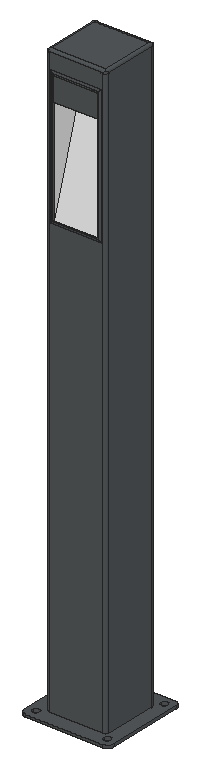
Revit family "svetilnik_alfresco_ar deko_dtu19", category Lighting Fixtures, Revit 2016 (continued)
Definition of nested family "Источник света Ар_Деко"
  Types (5, lengths in mm): name | Photometric Web File | built-in parameter 1150142
          12.6       8.4       3.3       0.6\r\n       0.2       0.2       0.2       0.2       0.2       0.2       0.2       0.2\r\n       0.2       0.2       0.2       0.2       0.2       0.2       0.2       0.2\r\n       0.2       0.2       0.2       0.2       0.2       0.2       0.2       0.2\r\n       0.2       0.2       0.2       0.2       0.2       0.2       0.2       0.2\r\n       0.2       0.2       0.2       0.2       0.2       0.2       0.2       0.2\r\n       0.2       0.2       0.2       0.2       0.2       0.2       0.2       0.2\r\n       0.2       0.2       0.2       0.2       0.2       0.2       0.2       0.2\r\n       0.2       0.2       0.2       0.2       0.2       0.2       0.2       0.2\r\n       0.2       0.2       0.2       0.2       0.2       0.2       0.2       0.2\r\n       0.2       0.2       0.2       0.2       0.2       0.2       0.2       0.2\r\n       0.2       0.2       0.2       0.1       0.1       0.1       0.0       0.0\r\n       0.0       0.0       0.0       0.0       0.0\r\n       0.0       0.0       0.2       0.2       0.2       0.1       0.1       0.2\r\n       0.2       0.3       0.2       0.2       0.2       0.2       0.2       0.2\r\n       0.2       0.2       0.2       0.3       0.6       2.7      10.0      28.9\r\n      51.0      69.2      82.1      91.1     103.5     113.1     127.6     143.3\r\n     158.5     173.3     196.4     215.0     231.0     240.4     240.3     239.1\r\n     237.0     235.1     233.5     232.1     228.9     227.1     223.9     220.4\r\n     219.1     214.1     212.3     207.8     204.4     201.8     198.0     193.8\r\n     191.4     186.6     180.5     176.2     173.2     168.0     163.0     160.5\r\n     156.7     150.9     145.9     140.9     136.2     130.4     122.4     110.3\r\n      97.0      85.8      78.2      68.9      63.0      55.0      48.3      42.6\r\n      36.3      30.9      24.8      18.3      13.3       8.7       3.3       0.6\r\n       0.2       0.2       0.2       0.2       0.2       0.2       0.2       0.2\r\n       0.2       0.2       0.2       0.2       0.2       0.2       0.2       0.2\r\n       0.2       0.2       0.2       0.2       0.2       0.2       0.2       0.2\r\n       0.2       0.2       0.2       0.2       0.2       0.2       0.2       0.2\r\n       0.2       0.2       0.2       0.2       0.2       0.2       0.2       0.2\r\n       0.2       0.2       0.2       0.2       0.2       0.2       0.2       0.2\r\n       0.2       0.2       0.2       0.2       0.2       0.2       0.2       0.2\r\n       0.2       0.2       0.2       0.2       0.2       0.2       0.2       0.2\r\n       0.2       0.2       0.2       0.2       0.2       0.2       0.2       0.2\r\n       0.2       0.2       0.2       0.2       0.2       0.2       0.2       0.2\r\n       0.2       0.2       0.2       0.1       0.1       0.1       0.0       0.0\r\n       0.0       0.0       0.0       0.0       0.0\r\n       0.0       0.0       0.2       0.2       0.2       0.1       0.1       0.2\r\n       0.2       0.3       0.2       0.2       0.2       0.2       0.2       0.2\r\n       0.2       0.2       0.3       1.1       4.9      21.5      39.7      75.9\r\n     102.0     121.2     138.1     153.3     165.6     179.3     196.4     209.4\r\n     231.7     246.7     263.9     273.7     274.7     271.7     270.1     265.3\r\n     265.4     262.5     259.9     256.1     251.1     249.9     245.6     244.8\r\n     240.7     238.6     235.2     233.0     230.2     225.6     220.7     217.4\r\n     214.1     210.5     206.8     202.6     196.6     191.8     189.1     184.1\r\n     177.9     172.6     168.1     161.2     152.0     138.5     121.7     106.8\r\n      94.8      84.9      75.3      68.9      61.2      53.9      48.6      40.9\r\n      36.0      29.0      22.0      16.2      11.8       6.1       1.6       0.2\r\n       0.2       0.2       0.2       0.2       0.2       0.2       0.2       0.2\r\n       0.2       0.2       0.2       0.2       0.2       0.2       0.2       0.2\r\n       0.2       0.2       0.2       0.2       0.2       0.2       0.2       0.2\r\n       0.2       0.2       0.2       0.2       0.2       0.2       0.2       0.2\r\n       0.2       0.2       0.2       0.2       0.2       0.2       0.2       0.2\r\n       0.2       0.2       0.2       0.2       0.2       0.2       0.2       0.2\r\n       0.2       0.2       0.2       0.2       0.2       0.2       0.2       0.2\r\n       0.2       0.2       0.2       0.2       0.2       0.2       0.2       0.2\r\n       0.2       0.2       0.2       0.2       0.2       0.2       0.2       0.2\r\n       0.2       0.2       0.2       0.2       0.2       0.2       0.2       0.2\r\n       0.2       0.2       0.2       0.1       0.1       0.1       0.0       0.0\r\n       0.0       0.0       0.0       0.0       0.0\r\n       0.0       0.0       0.2       0.2       0.2       0.1       0.1       0.2\r\n       0.2       0.3       0.3       0.2       0.2       0.2       0.2       0.2\r\n       0.2       0.3       0.8       7.3      26.2      70.9     101.4     129.8\r\n     149.7     165.0     184.1     199.7     216.8     231.7     252.9     274.3\r\n     302.0     310.8     310.9     308.5     306.9     304.8     302.2     300.3\r\n     297.0     295.9     293.4     290.5     289.5     284.5     285.9     282.2\r\n     279.0     275.3     271.1     268.2     265.3     262.7     257.2     252.7\r\n     248.0     243.1     238.0     233.9     229.0     222.8     217.6     211.7\r\n     207.8     201.7     193.5     180.9     162.7     143.0     125.4     113.7\r\n     101.9      91.7      84.5      72.8      65.7      58.1      50.2      42.9\r\n      37.5      29.7      23.2      17.6      12.2       5.3       1.0       0.2\r\n       0.2       0.2       0.2       0.2       0.2       0.2       0.2       0.2\r\n       0.2       0.2       0.2       0.2       0.2       0.2       0.2       0.2\r\n       0.2       0.2       0.2       0.2       0.2       0.2       0.2       0.2\r\n       0.2       0.2       0.2       0.2       0.2       0.2       0.2       0.2\r\n       0.2       0.2       0.2       0.2       0.2       0.2       0.2       0.2\r\n       0.2       0.2       0.2       0.2       0.2       0.2       0.2       0.2\r\n       0.2       0.2       0.2       0.2       0.2       0.2       0.2       0.2\r\n       0.2       0.2       0.2       0.2       0.2       0.2       0.2       0.2\r\n       0.2       0.2       0.2       0.2       0.2       0.2       0.2       0.2\r\n       0.2       0.2       0.2       0.2       0.2       0.2       0.2       0.2\r\n       0.2       0.2       0.2       0.1       0.1       0.1       0.0       0.0\r\n       0.0       0.0       0.0       0.0       0.0\r\n       0.0       0.0       0.2       0.2       0.2       0.1       0.1       0.2\r\n       0.2       0.3       0.3       0.2       0.2       0.2       0.2       0.2\r\n       0.2       0.8       6.1      31.8      73.5     116.2     144.5     165.1\r\n     184.2     200.7     222.1     245.2     266.4     285.2     315.5     329.3\r\n     337.4     337.7     335.2     329.7     330.8     328.7     327.2     327.9\r\n     326.1     324.2     320.9     317.8     315.7     316.1     312.0     310.4\r\n     306.6     302.1     301.1     296.1     292.2     286.6     281.7     279.1\r\n     273.5     268.1     263.5     257.3     251.2     245.9     240.8     234.8\r\n     227.9     217.7     203.8     180.2     154.4     136.6     127.3     113.7\r\n     105.4      95.2      85.8      77.4      70.0      60.7      52.1      45.5\r\n      35.2      27.1      20.6      16.0       9.7       2.6       0.2       0.2\r\n       0.2       0.2       0.2       0.2       0.2       0.2       0.2       0.2\r\n       0.2       0.2       0.2       0.2       0.2       0.2       0.2       0.2\r\n       0.2       0.2       0.2       0.2       0.2       0.2       0.2       0.2\r\n       0.2       0.2       0.2       0.2       0.2       0.2       0.2       0.2\r\n       0.2       0.2       0.2       0.2       0.2       0.2       0.2       0.2\r\n       0.2       0.2       0.2       0.2       0.2       0.2       0.2       0.2\r\n       0.2       0.2       0.2       0.2       0.2       0.2       0.2       0.2\r\n       0.2       0.2       0.2       0.2       0.2       0.2       0.2       0.2\r\n       0.2       0.2       0.2       0.2       0.2       0.2       0.2       0.2\r\n       0.2       0.2       0.2       0.2       0.2       0.2       0.2       0.2\r\n       0.2       0.2       0.2       0.1       0.1       0.1       0.0       0.0\r\n       0.0       0.0       0.0       0.0       0.0\r\n       0.0       0.0       0.2       0.2       0.2       0.1       0.1       0.2\r\n       0.2       0.3       0.3       0.2       0.2       0.2       0.2       0.2\r\n       0.5       5.2      27.5      78.0     123.6     152.7     172.7     192.1\r\n     210.3     233.5     261.9     289.8     322.4     351.4     369.7     368.6\r\n     370.3     369.8     368.0     371.7     371.5     367.1     365.4     364.6\r\n     361.0     360.0     356.9     354.0     350.0     347.4     341.3     337.9\r\n     334.6     331.8     329.6     323.8     318.5     314.3     309.9     304.3\r\n     298.2     294.0     289.4     282.3     276.5     269.7     261.9     254.8\r\n     243.0     224.7     200.3     174.0     157.5     144.6     132.6     122.4\r\n     113.8     102.2      93.1      86.9      76.4      67.9      59.8      50.0\r\n      37.7      30.5      22.5      16.5       8.8       1.1       0.3       0.2\r\n       0.2       0.2       0.2       0.2       0.2       0.2       0.2       0.2\r\n       0.2       0.2       0.2       0.2       0.2       0.2       0.2       0.2\r\n       0.2       0.2       0.2       0.2       0.2       0.2       0.2       0.2\r\n       0.2       0.2       0.2       0.2       0.2       0.2       0.2       0.2\r\n       0.2       0.2       0.2       0.2       0.2       0.2       0.2       0.2\r\n       0.2       0.2       0.2       0.2       0.2       0.2       0.2       0.2\r\n       0.2       0.2       0.2       0.2       0.2       0.2       0.2       0.2\r\n       0.2       0.2       0.2       0.2       0.2       0.2       0.2       0.2\r\n       0.2       0.2       0.2       0.2       0.2       0.2       0.2       0.2\r\n       0.2       0.2       0.2       0.2       0.2       0.2       0.2       0.2\r\n       0.2       0.2       0.2       0.1       0.1       0.1       0.0       0.0\r\n       0.0       0.0       0.0       0.0       0.0\r\n       0.0       0.0       0.3       0.2       0.2       0.1       0.1       0.2\r\n       0.2       0.3       0.3       0.3       0.2       0.2       0.2       0.3\r\n       3.1      21.2      67.2     118.9     156.9     184.0     202.8     224.9\r\n     253.9     283.1     315.6     351.6     390.7     398.7     404.7     404.9\r\n     404.1     402.5     399.5     401.0     395.8     396.0     393.3     387.9\r\n     383.9     378.4     376.8     375.3     374.9     368.0     365.2     359.1\r\n     356.1     353.7     346.7     343.1     340.7     334.6     331.1     325.6\r\n     321.5     314.4     307.8     301.5     294.9     287.3     278.6     264.0\r\n     242.6     216.2     191.0     176.3     163.3     148.6     138.2     129.7\r\n     117.6     106.6      99.5      89.8      77.6      69.3      60.2      49.1\r\n      37.9      29.4      21.7      13.5       5.2       0.5       0.2       0.2\r\n       0.2       0.2       0.2       0.2       0.2       0.2       0.2       0.2\r\n       0.2       0.2       0.2       0.2       0.2       0.2       0.2       0.2\r\n       0.2       0.2       0.2       0.2       0.2       0.2       0.2       0.2\r\n       0.2       0.2       0.2       0.2       0.2       0.2       0.2       0.2\r\n       0.2       0.2       0.2       0.2       0.2       0.2       0.2       0.2\r\n       0.2       0.2       0.2       0.2       0.2       0.2       0.2       0.2\r\n       0.2       0.2       0.2       0.2       0.2       0.2       0.2       0.2\r\n       0.2       0.2       0.2       0.2       0.2       0.2       0.2       0.2\r\n       0.2       0.2       0.2       0.2       0.2       0.2       0.2       0.2\r\n       0.2       0.2       0.2       0.2       0.2       0.2       0.2       0.2\r\n       0.2       0.2       0.2       0.1       0.1       0.1       0.0       0.0\r\n       0.0       0.0       0.0       0.0       0.0\r\n       0.0       0.0       0.3       0.2       0.2       0.1       0.1       0.2\r\n       0.2       0.3       0.3       0.3       0.2       0.2       0.2       0.8\r\n      14.4      52.6     107.3     151.6     183.7     211.6     239.1     268.3\r\n     305.2     333.6     383.3     426.3     441.7     443.4     441.4     439.5\r\n     435.1     431.8     433.1     424.9     425.2     417.8     414.7     416.5\r\n     413.6     411.5     407.3     403.6     395.5     395.7     393.1     391.3\r\n     388.2     378.2     373.8     367.2     362.1     358.5     352.9     349.2\r\n     342.4     334.7     331.1     325.3     318.6     306.8     291.4     265.3\r\n     241.4     218.7     201.0     186.3     170.9     159.8     148.3     134.4\r\n     120.9     111.0     104.0      92.3      85.0      75.3      63.7      51.4\r\n      43.0      35.2      25.7      13.3       3.6       0.2       0.2       0.2\r\n       0.2       0.2       0.2       0.2       0.2       0.2       0.2       0.2\r\n       0.2       0.2       0.2       0.2       0.2       0.2       0.2       0.2\r\n       0.2       0.2       0.2       0.2       0.2       0.2       0.2       0.2\r\n       0.2       0.2       0.2       0.2       0.2       0.2       0.2       0.2\r\n       0.2       0.2       0.2       0.2       0.2       0.2       0.2       0.2\r\n       0.2       0.2       0.2       0.2       0.2       0.2       0.2       0.2\r\n       0.2       0.2       0.2       0.3       0.2       0.2       0.2       0.2\r\n       0.2       0.2       0.2       0.2       0.2       0.2       0.2       0.2\r\n       0.2       0.2       0.2       0.2       0.2       0.2       0.2       0.2\r\n       0.2       0.2       0.2       0.2       0.2       0.2       0.2       0.2\r\n       0.2       0.2       0.2       0.1       0.1       0.1       0.0       0.0\r\n       0.0       0.1       0.0       0.0       0.0\r\n       0.0       0.0       0.3       0.2       0.2       0.2       0.1       0.2\r\n       0.2       0.3       0.3       0.3       0.3       0.2       0.4       4.2\r\n      38.7      91.8     142.6     177.8     210.1     239.1     276.4     319.6\r\n     356.1     408.2     452.9     472.9     474.4     473.3     472.7     468.8\r\n     466.3     465.9     461.5     459.6     455.0     453.3     452.5     448.0\r\n     447.8     444.2     441.8     436.9     433.1     428.9     427.2     417.4\r\n     413.7     412.0     407.4     404.9     399.7     391.7     385.5     376.6\r\n     370.7     366.2     360.9     352.0     341.6     328.1     301.2     273.9\r\n     248.3     231.6     221.1     202.5     186.2     176.7     160.2     147.4\r\n     136.6     124.4     112.1      99.8      92.2      79.9      67.1      55.4\r\n      44.8      37.5      24.3       9.8       1.5       0.3       0.2       0.2\r\n       0.2       0.2       0.2       0.2       0.2       0.2       0.2       0.2\r\n       0.2       0.2       0.2       0.2       0.2       0.2       0.2       0.2\r\n       0.2       0.2       0.2       0.2       0.2       0.2       0.2       0.2\r\n       0.2       0.2       0.2       0.2       0.2       0.2       0.2       0.2\r\n       0.2       0.2       0.2       0.2       0.2       0.2       0.2       0.2\r\n       0.2       0.2       0.2       0.2       0.2       0.2       0.2       0.2\r\n       0.2       0.2       0.2       0.2       0.3       0.2       0.2       0.2\r\n       0.2       0.2       0.2       0.2       0.2       0.2       0.2       0.2\r\n       0.2       0.2       0.2       0.2       0.2       0.2       0.2       0.2\r\n       0.2       0.2       0.2       0.2       0.2       0.2       0.2       0.2\r\n       0.2       0.2       0.2       0.1       0.1       0.1       0.0       0.0\r\n       0.0       0.1       0.0       0.0       0.0\r\n       0.0       0.0       0.3       0.2       0.2       0.2       0.2       0.2\r\n       0.2       0.3       0.3       0.3       0.3       0.3       1.6      
      17.1\r\n      70.7     127.6     169.2     200.9     233.3     270.9     318.0     360.7\r\n     412.2     478.7     503.3     505.5     507.3     507.4     503.8     503.1\r\n     503.7     501.1     501.8     500.2     497.7     495.5     490.5     489.3\r\n     486.2     483.3     479.6     478.9     475.2     473.6     465.7     460.3\r\n     458.4     453.9     450.2     443.7     436.4     434.0     427.0     424.6\r\n     420.4     413.0     405.2     393.4     376.0     350.9     326.7     296.4\r\n     278.8     261.1     242.1     230.1     219.4     206.0     188.9     175.8\r\n     164.5     149.4     137.8     125.5     112.2      96.6      78.5      64.0\r\n      51.0      39.0      23.5       7.4       1.4       0.2       0.2       0.2\r\n       0.2       0.2       0.2       0.2       0.2       0.2       0.2       0.2\r\n       0.2       0.2       0.2       0.2       0.2       0.2       0.2       0.2\r\n       0.2       0.2       0.2       0.2       0.2       0.2       0.2       0.2\r\n       0.2       0.2       0.2       0.2       0.2       0.2       0.2       0.2\r\n       0.2       0.2       0.2       0.2       0.2       0.2       0.2       0.2\r\n       0.2       0.2       0.2       0.2       0.2       0.2       0.2       0.2\r\n       0.2       0.2       0.2       0.2       0.2       0.2       0.2       0.2\r\n       0.2       0.2       0.2       0.2       0.2       0.2       0.2       0.2\r\n       0.2       0.2       0.2       0.2       0.2       0.2       0.2       0.2\r\n       0.2       0.2       0.2       0.2       0.2       0.2       0.2       0.2\r\n       0.2       0.2       0.2       0.1       0.1       0.1       0.0       0.0\r\n       0.0       0.1       0.0       0.0       0.0\r\n       0.0       0.0       0.3       0.2       0.2       0.2       0.2       0.2\r\n       0.2       0.3       0.3       0.3       0.3       0.3       5.4      42.1\r\n     104.4     155.2     190.4     224.0     260.7     306.6     353.2     401.1\r\n     468.3     505.9     515.3     514.4     515.1     513.3     511.9     512.3\r\n     511.4     508.1     503.7     502.5     502.3     499.8     501.4     499.0\r\n     495.2     490.1     489.9     484.8     484.4     476.4     476.3     476.7\r\n     471.3     463.1     458.1     455.8     447.8     442.1     439.2     432.1\r\n     425.8     417.7     407.5     391.4     367.5     337.0     309.3     291.4\r\n     274.2     260.3     243.4     230.0     218.1     199.7     186.0     177.4\r\n     163.4     147.4     136.6     125.3     106.9      91.7      75.2      63.9\r\n      54.9      38.2      20.3       2.6       0.3       0.2       0.2       0.2\r\n       0.2       0.2       0.2       0.2       0.2       0.2       0.2       0.2\r\n       0.2       0.2       0.2       0.2       0.2       0.2       0.2       0.2\r\n       0.2       0.2       0.2       0.2       0.2       0.2       0.2       0.2\r\n       0.2       0.2       0.2       0.2       0.2       0.2       0.2       0.2\r\n       0.2       0.2       0.2       0.2       0.2       0.2       0.2       0.2\r\n       0.2       0.2       0.2       0.2       0.2       0.2       0.2       0.2\r\n       0.2       0.2       0.2       0.2       0.2       0.2       0.2       0.2\r\n       0.2       0.2       0.2       0.2       0.2       0.2       0.2       0.2\r\n       0.2       0.2       0.2       0.2       0.2       0.2       0.2       0.2\r\n       0.2       0.2       0.2       0.2       0.2       0.2       0.2       0.2\r\n       0.2       0.2       0.2       0.1       0.1       0.1       0.0       0.0\r\n       0.0       0.1       0.0       0.0       0.0\r\n       0.0       0.0       0.3       0.2       0.3       0.2       0.2       0.2\r\n       0.2       0.3       0.3       0.3       0.3       0.5      14.8      70.1\r\n     134.3     177.3     210.4     247.0     291.6     339.1     382.2     449.7\r\n     510.8     519.7     519.7     521.6     521.5     517.1     518.0     517.1\r\n     515.1     514.8     513.7     513.0     512.1     512.4     507.9     502.8\r\n     502.5     500.8     495.2     492.0     487.9     492.2     486.0     476.8\r\n     475.7     472.9     466.5     459.8     457.2     451.4     446.4     441.2\r\n     432.4     420.4     405.7     381.4     353.1     326.7     306.2     291.8\r\n     273.0     256.2     245.4     234.2     216.9     202.7     190.6     180.3\r\n     165.8     148.6     139.2     124.4     105.4      89.4      76.2      64.5\r\n      51.4      33.9      16.4       3.6       0.3       0.2       0.2       0.2\r\n       0.2       0.2       0.2       0.2       0.2       0.2       0.2       0.2\r\n       0.2       0.2       0.2       0.2       0.2       0.2       0.2       0.2\r\n       0.2       0.2       0.2       0.2       0.2       0.2       0.2       0.2\r\n       0.2       0.2       0.2       0.2       0.2       0.2       0.2       0.2\r\n       0.2       0.2       0.2       0.2       0.2       0.2       0.2       0.2\r\n       0.2       0.2       0.2       0.2       0.2       0.2       0.2       0.2\r\n       0.2       0.2       0.2       0.2       0.2       0.2       0.2       0.2\r\n       0.2       0.2       0.2       0.2       0.2       0.2       0.2       0.2\r\n       0.2       0.2       0.2       0.2       0.2       0.2       0.2       0.2\r\n       0.2       0.2       0.2       0.2       0.2       0.2       0.2       0.2\r\n       0.2       0.2       0.2       0.1       0.1       0.1       0.0       0.0\r\n       0.0       0.1       0.0       0.0       0.0\r\n       0.0       0.0       0.3       0.2       0.3       0.2       0.2       0.2\r\n       0.2       0.3       0.3       0.3       0.3       1.4      33.1      96.2\r\n     153.9     193.3     228.3     268.6     317.0     360.6     413.7     488.5\r\n     517.8     521.4     520.2     519.8     521.0     518.9     521.0     519.8\r\n     518.2     519.0     520.0     517.6     516.1     515.6     513.2     511.7\r\n     509.3     504.9     501.8     500.4     497.1     489.2     487.4     484.4\r\n     479.2     472.6     470.9     469.3     462.8     457.2     450.3     443.3\r\n     433.7     420.6     392.5     364.2     337.4     315.8     302.3     283.5\r\n     267.5     254.6     245.0     227.3     209.2     200.5     190.2     172.2\r\n     157.6     146.6     134.6     119.2     103.9      86.7      72.5      63.8\r\n      44.9      26.1       9.7       1.4       0.2       0.2       0.2       0.2\r\n       0.2       0.2       0.2       0.2       0.2       0.2       0.2       0.2\r\n       0.2       0.2       0.2       0.2       0.2       0.2       0.2       0.2\r\n       0.2       0.2       0.2       0.2       0.2       0.2       0.2       0.2\r\n       0.2       0.2       0.2       0.2       0.2       0.2       0.2       0.2\r\n       0.2       0.2       0.2       0.2       0.2       0.2       0.2       0.2\r\n       0.2       0.2       0.2       0.2       0.2       0.2       0.2       0.2\r\n       0.2       0.2       0.2       0.2       0.2       0.2       0.2       0.2\r\n       0.2       0.2       0.2       0.2       0.2       0.2       0.2       0.2\r\n       0.2       0.2       0.2       0.2       0.2       0.2       0.2       0.2\r\n       0.2       0.2       0.2       0.2       0.2       0.2       0.2       0.2\r\n       0.2       0.2       0.2       0.1       0.1       0.1       0.0       0.0\r\n       0.0       0.1       0.0       0.0       0.0\r\n       0.0       0.0       0.3       0.2       0.3       0.2       0.2       0.2\r\n       0.2       0.3       0.3       0.3       0.3       4.8      57.0     121.9\r\n     168.3     205.0     244.5     288.2     334.0     383.8     451.8     509.6\r\n     518.4     519.8     522.3     523.9     524.9     525.5     524.3     523.7\r\n     523.2     523.8     519.7     521.7     519.5     517.7     514.9     511.4\r\n     509.2     509.4     509.6     505.6     501.1     499.3     493.0     487.0\r\n     486.7     485.6     478.7     472.2     465.9     458.7     453.0     446.0\r\n     435.5     415.2     391.0     362.2     336.0     317.7     298.6     284.1\r\n     271.3     260.4     248.3     230.6     214.8     204.5     194.0     174.1\r\n     161.1     151.6     137.4     119.1     102.8      85.1      73.6      62.6\r\n      48.0      26.5       8.5       0.7       0.2       0.2       0.2       0.2\r\n       0.2       0.2       0.2       0.2       0.2       0.2       0.2       0.2\r\n       0.2       0.2       0.2       0.2       0.2       0.2       0.2       0.2\r\n       0.2       0.2       0.2       0.2       0.2       0.2       0.2       0.2\r\n       0.2       0.2       0.2       0.2       0.2       0.2       0.2       0.2\r\n       0.2       0.2       0.2       0.2       0.2       0.2       0.2       0.2\r\n       0.2       0.2       0.2       0.2       0.2       0.2       0.2       0.2\r\n       0.2       0.2       0.2       0.2       0.2       0.2       0.2       0.2\r\n       0.2       0.2       0.2       0.2       0.2       0.2       0.2       0.2\r\n       0.2       0.2       0.2       0.2       0.2       0.2       0.2       0.2\r\n       0.2       0.2       0.2       0.2       0.2       0.2       0.2       0.2\r\n       0.2       0.2       0.2       0.1       0.1       0.1       0.0       0.0\r\n       0.0       0.1       0.0       0.0       0.0\r\n       0.0       0.0       0.3       0.2       0.3       0.2       0.2       0.2\r\n       0.2       0.3       0.3       0.3       0.3      13.8      78.5     141.8\r\n     183.3     221.0     261.1     306.3     351.7     416.3     488.6     518.7\r\n     521.9     522.4     526.0     526.3     525.0     527.3     523.8     525.3\r\n     525.6     523.5     526.1     522.7     520.1     516.7     515.5     513.7\r\n     515.2     511.0     504.9     505.7     502.5     498.1     500.2     495.8\r\n     488.1     481.5     478.2     472.3     469.0     467.0     462.5     452.1\r\n     432.6     399.2     369.5     344.7     326.4     313.1     297.3     279.2\r\n     267.9     259.3     240.2     223.7     215.5     202.9     186.8     171.8\r\n     161.9     151.6     133.1     118.7      99.3      82.3      72.0      54.8\r\n      35.6      17.2       4.5       0.5       0.2       0.2       0.2       0.2\r\n       0.2       0.2       0.2       0.2       0.2       0.2       0.2       0.2\r\n       0.2       0.2       0.2       0.2       0.2       0.2       0.2       0.2\r\n       0.2       0.2       0.2       0.2       0.2       0.2       0.2       0.2\r\n       0.2       0.2       0.2       0.2       0.2       0.2       0.2       0.2\r\n       0.2       0.2       0.2       0.2       0.2       0.2       0.2       0.2\r\n       0.2       0.2       0.2       0.2       0.2       0.2       0.2       0.2\r\n       0.2       0.2       0.2       0.2       0.2       0.2       0.2       0.2\r\n       0.2       0.2       0.2       0.2       0.2       0.2       0.2       0.2\r\n       0.2       0.2       0.2       0.2       0.2       0.2       0.2       0.2\r\n       0.2       0.2       0.2       0.2       0.2       0.3       0.3       0.2\r\n       0.2       0.2       0.2       0.1       0.1       0.1       0.0       0.1\r\n       0.1       0.1       0.0       0.0       0.0\r\n       0.0       0.0       0.3       0.2       0.3       0.2       0.2       0.2\r\n       0.3       0.3       0.3       0.3       0.5      27.7      98.1     156.7\r\n     200.1     240.8     281.7     327.0     377.5     451.7     514.6     526.2\r\n     529.5     531.5     530.1     530.7     529.3     528.6     530.3     530.2\r\n     529.8     527.5     522.1     524.1     526.6     526.8     524.1     522.6\r\n     519.6     522.4     516.4     510.0     506.4     505.1     499.7     491.9\r\n     490.7     487.4     483.4     481.6     474.6     465.6     458.0     439.7\r\n     418.2     393.1     365.6     343.1     326.1     307.9     292.8     280.7\r\n     271.9     258.6     239.0     222.4     212.3     202.2     182.4     168.8\r\n     160.2     144.4     130.1     111.9      95.2      81.1      72.6      59.8\r\n      40.0      17.4       2.3       0.2       0.2       0.2       0.2       0.2\r\n       0.2       0.2       0.2       0.2       0.2       0.2       0.2       0.2\r\n       0.2       0.2       0.2       0.2       0.2       0.2       0.2       0.2\r\n       0.2       0.2       0.2       0.2       0.2       0.2       0.2       0.2\r\n       0.2       0.2       0.2       0.2       0.2       0.2       0.2       0.2\r\n       0.2       0.2       0.2       0.2       0.2       0.2       0.2       0.2\r\n       0.2       0.2       0.2       0.2       0.2       0.2       0.2       0.2\r\n       0.2       0.2       0.2       0.2       0.2       0.2       0.2       0.2\r\n       0.2       0.2       0.2       0.2       0.2       0.2       0.2       0.2\r\n       0.2       0.2       0.2       0.2       0.2       0.2       0.2       0.2\r\n       0.2       0.2       0.2       0.2       0.2       0.3       0.3       0.2\r\n       0.2       0.2       0.2       0.1       0.1       0.1       0.0       0.1\r\n       0.1       0.1       0.0       0.0       0.0\r\n       0.0       0.0       0.3       0.2       0.3       0.2       0.2       0.2\r\n       0.3       0.3       0.3       0.3       0.9      43.2     115.9     169.9\r\n     214.3     254.2     298.3     350.3     408.5     488.3     531.2     535.2\r\n     535.3     536.0     534.6     532.2     532.0     533.0     531.1     529.1\r\n     526.0     528.2     531.8     529.5     529.6     528.6     522.4     522.1\r\n     518.2     512.8     509.7     508.5     506.5     505.9     500.0     498.0\r\n     496.0     491.2     485.8     478.5     476.8     470.8     460.2     442.0\r\n     412.6     383.3     355.3     338.2     325.9     308.0     291.6     278.3\r\n     265.0     247.2     230.5     223.1     214.2     199.4     180.5     171.7\r\n     164.3     145.1     126.6     107.6      90.0      79.9      66.5      49.2\r\n      30.2      11.2       0.9       0.2       0.2       0.2       0.2       0.2\r\n       0.2       0.2       0.2       0.2       0.2       0.2       0.2       0.2\r\n       0.2       0.2       0.2       0.2       0.2       0.2       0.2       0.2\r\n       0.2       0.2       0.2       0.2       0.2       0.2       0.2       0.2\r\n       0.2       0.2       0.2       0.2       0.2       0.2       0.2       0.2\r\n       0.2       0.2       0.2       0.2       0.2       0.2       0.2       0.2\r\n       0.2       0.2       0.2       0.2       0.2       0.2       0.2       0.2\r\n       0.2       0.2       0.2       0.2       0.2       0.2       0.2       0.2\r\n       0.2       0.2       0.2       0.2       0.3       0.2       0.2       0.2\r\n       0.2       0.2       0.2       0.2       0.2       0.2       0.2       0.2\r\n       0.2       0.2       0.3       0.3       0.2       0.3       0.3       0.2\r\n       0.2       0.2       0.2       0.1       0.1       0.1       0.1       0.1\r\n       0.1       0.1       0.0       0.0       0.0\r\n       0.0       0.0       0.3       0.2       0.3       0.2       0.2       0.2\r\n       0.3       0.3       0.3       0.3       2.0      60.9     130.4     179.8\r\n     221.7     258.7     308.2     361.1     432.1     516.3     537.6     537.3\r\n     537.1     535.2     532.5     533.8     533.3     533.0     531.4     529.7\r\n     532.8     530.8     529.4     525.7     520.0     520.7     518.7     518.2\r\n     517.4     514.0     514.6     510.8     506.0     504.1     501.9     498.7\r\n     494.7     491.4     490.1     485.6     479.9     469.5     451.1     431.8\r\n     405.0     374.5     351.7     334.2     322.0     301.8     287.1     281.6\r\n     267.1     247.4     233.7     224.9     213.1     196.7     183.6     173.3\r\n     162.7     142.5     125.3     105.4      90.3      81.3      66.3      50.3\r\n      31.3      11.8       1.5       0.2       0.2       0.2       0.2       0.2\r\n       0.2       0.2       0.2       0.2       0.2       0.2       0.2       0.2\r\n       0.2       0.2       0.2       0.2       0.2       0.2       0.2       0.2\r\n       0.2       0.2       0.2       0.2       0.2       0.2       0.2       0.2\r\n       0.2       0.2       0.2       0.2       0.2       0.2       0.2       0.2\r\n       0.2       0.2       0.2       0.2       0.2       0.2       0.2       0.2
